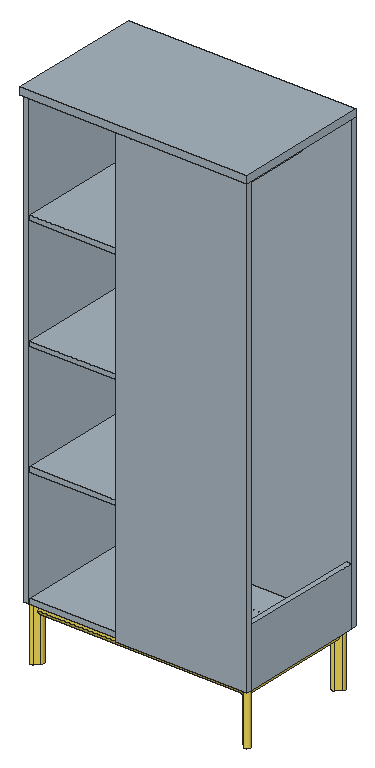
Revit family "DBLTD_TheSenatorGroup_OffcStrg_Play_CoatDrop_US", category Furniture, Revit 2018
Family settings
  Work Plane-Based = No
  Always vertical = Yes
  Cut with Voids When Loaded = No
  Shared = Yes
  Room Calculation Point = No
Parameters (values of type "Right Hand with Stand Alone Base 30"(w) x 18"(d) x 70"(h)")
  WarrantyStartDate [instance] = "1900-12-31T23:59:59"
  WarrantyGuarantorParts = "15"
  WarrantyGuarantorLabor = "15"
  WarrantyDurationUnit = "Years"
  WarrantyDurationParts = "15"
  WarrantyDurationLabor = "15"
  WarrantyDescription = "Senator warrants that its manufactured products are free from manufacturing defects - in materials or workmanship - for a period of ten (10) years on Senator Seating ranges; and fifteen (15) years on Senator Desking ranges"
  Version = "1"  # constant formula
  Uniclass2015Version = "Products v1.9"
  Uniclass2015Title = "Office storage units"
  Uniclass2015Code = "Pr_40_30_78_57"
  URL = "https://www.thesenatorgroup.com/"
  Type Comments = ""
  TagNumber [instance] = "n/a"
  SustainabilityPerformance = "n/a"
  Style = "n/a"
  Size = "L 18\" x  W 30\" x  H 70\""
  Shape = "n/a"
  SerialNumber [instance] = "n/a"
  RightHand = yes
  Revision = "n/a"
  ReplacementCost = "n/a"
  ProductInformation = "https://www.thesenatorgroup.com/"
  PanelMaterial [instance] = TheSenatorGroup_Play_MFC_Denim
  OmniClassVersion = "Table 22 2012-05-16"
  OmniClassTitle = "Storage"
  OmniClassCode = "22-12 51 19"
  NominalWidth = 30"
  NominalLength = 30"
  NominalHeight = 69.69"
  NominalDepth = 18"
  Name = "TheSenatorGroup_OfficeStorage_Play_CoatDrop"
  NBSReference = "45-35-80/360"
  NBSDescription = "Office storage"
  NBSCertification = ""
  ModelReference = "30\"(w) x 18\"(d) x 70\"(h)"
  ModelNumber = "PYP70‐30‐CD-R + PYP3018"
  Model = ModelNumber  # "PYP70‐30‐CD-R + PYP3018"
  Material = "Metal, MFC"
  ManufacturerURL = "https://www.thesenatorgroup.com/"
  ManufacturerName = "The Senator Group"
  Manufacturer = "The Senator Group"
  MainColor = "n/a"
  LeftHand = no
  Keynote = "Pr_40_50_21_60"
  InstallationDate [instance] = "1900-12-31T23:59:59"
  IfcExportType = "STORAGE"  # constant formula
  IfcExportAs = "IfcFurnitureType"  # constant formula
  Grade = "n/a"
  FramesColour = "Black, White, Totally Orange, Traffic Yellow, Anthracite, Pistachio"
  FrameSupports = "n/a"
  Finish = "HD Highland Oak, BH Beech, MP Maple, WH White, AT Autumn. WK Winter Oak, SO Strata Oak, MC Mocha, HW Hacienda White, DN Denim, LY Clay, LS Lemon Sorbet, LG Light Grey, CW Carini Walnut"
  Features = "n/a"
  ExpectedLife = "n/a"
  DurationUnit = "year"
  DimensionsPlanSize = "30\" x 18\""
  DimensionsHeight = "70\""
  Description = "Right Hand with Stand Alone Base 30\" x 18\" Coat Drop"
  Cost = 0
  Constituents = "n/a"
  Color = "n/a"
  CodePerformance = "n/a"
  Category = "Pr_40_30_78_57:Office storage units"
  BaseType = NESTED_DBLTD_TheSenatorGroup_OffcStrg_Play_Base : Stand Alone
  BaseFinishMaterial [instance] = TheSenatorGroup_Play_MetalFrame_TrafficYellow
  BarCode [instance] = "n/a"
  BIMObjectName = "TheSenatorGroup_OfficeStorage_Play_CoatDrop"
  Author = "Diane Butterworth Ltd"  # constant formula
  AssetType = "Movable"
  AssetIdentifier [instance] = "n/a"
  AccessibilityPerformance = "n/a"
Types (8): name | RightHand | ModelNumber | Model | LeftHand | Description | BaseType
  Right Hand with Stand Alone Base 30"(w) x 18"(d) x 70"(h) | yes | "PYP70‐30‐CD-R + PYP3018" | "PYP70‐30‐CD-R + PYP3018" | no | "Right Hand with Stand Alone Base 30\" x 18\" Coat Drop" | NESTED_DBLTD_TheSenatorGroup_OffcStrg_Play_Base : Stand Alone
  Right Hand with Add on End Base 30"(w) x 18"(d) x 70"(h) | yes | "PYP70‐30‐CD-R + PYP3018EA" | "PYP70‐30‐CD-R + PYP3018EA" | no | "Right Hand with Add on End Base 30\" x 18\" Coat Drop" | NESTED_DBLTD_TheSenatorGroup_OffcStrg_Play_Base : End
  Right Hand with Add on Mid Base 30"(w) x 18"(d) x 70"(h) | yes | "PYP70‐30‐CD-R + PYP3018MA" | "PYP70‐30‐CD-R + PYP3018MA" | no | "Right Hand with Add on Mid Base 30\" x 18\" Coat Drop" | NESTED_DBLTD_TheSenatorGroup_OffcStrg_Play_Base : Mid
  Right Hand with Starter Base 30"(w) x 18"(d) x 70"(h) | yes | "PYP70‐30‐CD-R + PYP3018S" | "PYP70‐30‐CD-R + PYP3018S" | no | "Right Hand with Starter Base 30\" x 18\" Coat Drop" | NESTED_DBLTD_TheSenatorGroup_OffcStrg_Play_Base : Starter
  Left Hand with Stand Alone Base 30"(w) x 18"(d) x 70"(h) | no | "PYP70‐30‐CD-L + PYP3018" | "PYP70‐30‐CD-L + PYP3018" | yes | "Left Hand with Stand Alone Base 30\" x 18\" Coat Drop" | NESTED_DBLTD_TheSenatorGroup_OffcStrg_Play_Base : Stand Alone
  Left Hand with Add on End Base 30"(w) x 18"(d) x 70"(h) | no | "PYP70‐30‐CD-L + PYP3018EA" | "PYP70‐30‐CD-L + PYP3018EA" | yes | "Left Hand with Add on End Base 30\" x 18\" Coat Drop" | NESTED_DBLTD_TheSenatorGroup_OffcStrg_Play_Base : End
  Left Hand with Add on Mid Base 30"(w) x 18"(d) x 70"(h) | no | "PYP70‐30‐CD-L + PYP3018MA" | "PYP70‐30‐CD-L + PYP3018MA" | yes | "Left Hand with Add on Mid Base 30\" x 18\" Coat Drop" | NESTED_DBLTD_TheSenatorGroup_OffcStrg_Play_Base : Mid
  Left Hand with Starter Base 30"(w) x 18"(d) x 70"(h) | no | "PYP70‐30‐CD-L + PYP3018S" | "PYP70‐30‐CD-L + PYP3018S" | yes | "Left Hand with Starter Base 30\" x 18\" Coat Drop" | NESTED_DBLTD_TheSenatorGroup_OffcStrg_Play_Base : Starter
Reference planes (in)
  plane 1 "Center Front/Back": y = 0
  plane 2: z = 0
  plane 3 "Center (Left/Right)": x = 0
  plane 4: z = 69.69
  plane 5 "Edge1": x = -15
  plane 6 "Edge3": x = 15
  plane 7 "Edge2": y = 9
  plane 8 "Edge4": y = -9
Dimensions and locks (in)
  equal spacing: plane 5 "Edge1", plane 3 "Center (Left/Right)", plane 6 "Edge3"
  "NominalLength": plane 5 "Edge1" to plane 6 "Edge3"
  equal spacing: plane 8 "Edge4", plane 1 "Center Front/Back", plane 7 "Edge2"
  "NominalDepth": plane 7 "Edge2" to plane 8 "Edge4"
  "NominalHeight": plane 4 to level
  aligned and locked: level to plane 2
  aligned and locked: plane 3 "Center (Left/Right)" to nested 2
Nested families (in)
  nested 1: "NESTED_DBLTD_TheSenatorGroup_OffcStrg_Play_Base" at (0, 0, 0), type <- "BaseType", BaseFinishMaterial <- "BaseFinishMaterial", type "Stand Alone"
    with BaseFinishMaterial TheSenatorGroup_Play_MetalFrame_TrafficYellow
  nested 2: "Nested_DBLTD_TheSenatorGroup_OffcStrg_Play_CoatDrop_Carcass" at (0, 0, 0), visible <- "LeftHand", PanelMaterial <- "PanelMaterial", type "Coat Drop"
    with PanelMaterial TheSenatorGroup_Play_MFC_Denim
  nested 3: "Nested_DBLTD_TheSenatorGroup_OffcStrg_Play_CoatDrop_Carcass" at (0, 0, 0) x (-1, 0, 0) z (0, 0, 1), visible <- "RightHand", PanelMaterial <- "PanelMaterial", type "Coat Drop"
    with PanelMaterial TheSenatorGroup_Play_MFC_Denim
Definition of nested family "NESTED_DBLTD_TheSenatorGroup_OffcStrg_Play_Base"
  Parameters (values of type "Starter")
    URL = "https://www.thesenatorgroup.com/"
    StarterLeg = yes
    RightBar = 0"
    NominalLength = 30"  # constant formula
    NominalHeight = 7.28346"
    NominalDepth = 17.32283"
    Model = ""
    MidLeg = yes
    Manufacturer = "The Senator Group"
    LeftBar = 1.1811"
    Keynote = ""
    EndLeg = no
    Description = ""
    Cost = 0
    BaseFinishMaterial [instance] = none
  Types (4): name | StarterLeg | RightBar | MidLeg | LeftBar | EndLeg
    Starter | yes | 0" | yes | 1.1811" | no
    Mid | no | 0" | yes | 0" | no
    End | no | 1.1811" | no | 0" | yes
    Stand Alone | yes | 1.1811" | no | 1.1811" | yes
  Reference planes (in)
    plane 1 "Center Front/Back": y = 0
    plane 2: z = 0
    plane 3 "Center (Left/Right)": x = 0
    plane 4: z = 7.28346
    plane 5 "Edge1": x = -15
    plane 6 "Edge3": x = 15
    plane 7 "Edge2": y = 8.66142
    plane 8 "Edge4": y = -8.66142
    plane 9: x = 15
    plane 10: x = -13.8189
    plane 11: y = -7.48031
    plane 12: y = 7.48031
    plane 13 "Edge23": x = 9.09449
  Forms (in)
    Extrusion 1, solid, material <- "BaseFinishMaterial", visible <- "StarterLeg"
      sketch origin (1.81102, 0, 7.28346) x (-1, 0, 0) y (0, -1, 0)
        loop
          line (16.51854, -7.69405) -> (15.96176, -7.13728)
          arc (15.96176, -7.13728) -> (15.40499, -7.13728) -> (15.40499, -7.69406) r 0.3937
          line (15.40499, -7.69406) -> (15.96177, -8.25083)
          arc (15.96177, -8.25083) -> (16.51854, -8.25083) -> (16.51854, -7.69405) r 0.3937
      from 0 to -7.28346
    Extrusion 2, solid, material <- "BaseFinishMaterial", visible <- "StarterLeg"
      sketch origin (1.81102, 0, 7.28346) x (-1, 0, 0) y (0, -1, 0)
        loop
          arc (16.51854, 7.69405) -> (16.51854, 8.25083) -> (15.96177, 8.25083) r 0.3937
          line (15.96177, 8.25083) -> (15.40499, 7.69406)
          arc (15.40499, 7.69406) -> (15.40499, 7.13728) -> (15.96176, 7.13728) r 0.3937
          line (15.96176, 7.13728) -> (16.51854, 7.69405)
      from 0 to -7.28346
    Extrusion 3, solid, material <- "BaseFinishMaterial"
      sketch origin (3.93701, 3.93701, 0) x (0, -1, 0) y (0, 0, -1)
        loop
          arc (10.68898, -7.16535) -> (10.72357, -7.24887) -> (10.80709, -7.28346) r 0.11811
          line (10.80709, -7.28346) -> (11.79134, -7.28346)
          arc (11.79134, -7.28346) -> (11.87485, -7.24887) -> (11.90945, -7.16535) r 0.11811
          line (11.90945, -7.16535) -> (11.90945, -6.49606)
          arc (11.90945, -6.49606) -> (11.29921, -5.88583) -> (10.68898, -6.49606) r 0.61024
          line (10.68898, -6.49606) -> (10.68898, -7.16535)
      from -17.75591 to 11.06299
    Extrusion 4, solid, material <- "BaseFinishMaterial", visible <- "StarterLeg"
      sketch origin (2.30315, 0, 0) x (-1, 0, 0) y (0, 0, -1)
        loop
          arc (15.51181, -7.16535) -> (15.54641, -7.24887) -> (15.62992, -7.28346) r 0.11811
          line (15.62992, -7.28346) -> (16.61417, -7.28346)
          arc (16.61417, -7.28346) -> (16.69769, -7.24887) -> (16.73228, -7.16535) r 0.11811
          line (16.73228, -7.16535) -> (16.73228, -6.49606)
          arc (16.73228, -6.49606) -> (16.12205, -5.88583) -> (15.51181, -6.49606) r 0.61024
          line (15.51181, -6.49606) -> (15.51181, -7.16535)
      from -7.48031 to 7.48031
    Extrusion 5, solid, material <- "BaseFinishMaterial"
      sketch origin (3.93701, -3.93701, 0) x (0, 1, 0) y (0, 0, 1)
        loop
          line (10.68898, 7.16535) -> (10.68898, 6.49606)
          arc (10.68898, 6.49606) -> (11.29921, 5.88583) -> (11.90945, 6.49606) r 0.61024
          line (11.90945, 6.49606) -> (11.90945, 7.16535)
          arc (11.90945, 7.16535) -> (11.87485, 7.24887) -> (11.79134, 7.28346) r 0.11811
          line (11.79134, 7.28346) -> (10.80709, 7.28346)
          arc (10.80709, 7.28346) -> (10.72357, 7.24887) -> (10.68898, 7.16535) r 0.11811
      from -17.75591 to 11.06299
    Extrusion 6, solid, material <- "BaseFinishMaterial", visible <- "MidLeg"
      sketch origin (14.10548, -8.31328, 7.28346) x (-0.707107, 0.707107, 0) y (-0.707107, -0.707107, 0)
        loop
          line (15.33744, -7.69405) -> (14.78066, -7.13728)
          arc (14.78066, -7.13728) -> (14.22388, -7.13728) -> (14.22388, -7.69406) r 0.3937
          line (14.22388, -7.69406) -> (14.78066, -8.25083)
          arc (14.78066, -8.25083) -> (15.33744, -8.25083) -> (15.33744, -7.69405) r 0.3937
      from 0 to -7.28346
    Extrusion 7, solid, material <- "BaseFinishMaterial", visible <- "MidLeg"
      sketch origin (14.10548, 8.31328, 7.28346) x (-0.707107, -0.707107, 0) y (0.707107, -0.707107, 0)
        loop
          arc (15.33744, 7.69405) -> (15.33744, 8.25083) -> (14.78066, 8.25083) r 0.3937
          line (14.78066, 8.25083) -> (14.22388, 7.69406)
          arc (14.22388, 7.69406) -> (14.22388, 7.13728) -> (14.78066, 7.13728) r 0.3937
          line (14.78066, 7.13728) -> (15.33744, 7.69405)
      from 0 to -7.28346
    Extrusion 8, solid, material <- "BaseFinishMaterial", visible <- "MidLeg", not visible
      sketch origin (15.34564, -8.31328, 7.28346) x (-0.707107, 0.707107, 0) y (-0.707107, -0.707107, 0)
        loop
          line (15.33744, -7.69405) -> (14.78066, -7.13728)
          arc (14.78066, -7.13728) -> (14.22388, -7.13728) -> (14.22388, -7.69406) r 0.3937
          line (14.22388, -7.69406) -> (14.78066, -8.25083)
          arc (14.78066, -8.25083) -> (15.33744, -8.25083) -> (15.33744, -7.69405) r 0.3937
      from 0 to -7.28346
    Extrusion 9, solid, material <- "BaseFinishMaterial", visible <- "MidLeg", not visible
      sketch origin (15.34564, 8.31328, 7.28346) x (-0.707107, -0.707107, 0) y (0.707107, -0.707107, 0)
        loop
          arc (15.33744, 7.69405) -> (15.33744, 8.25083) -> (14.78066, 8.25083) r 0.3937
          line (14.78066, 8.25083) -> (14.22388, 7.69406)
          arc (14.22388, 7.69406) -> (14.22388, 7.13728) -> (14.78066, 7.13728) r 0.3937
          line (14.78066, 7.13728) -> (15.33744, 7.69405)
      from 0 to -7.28346
    Extrusion 10, solid, material <- "BaseFinishMaterial", visible <- "MidLeg"
      sketch origin (24.03543, 0, 0) x (-1, 0, 0) y (0, 0, -1)
        loop
          arc (14.33071, -7.16535) -> (14.3653, -7.24887) -> (14.44882, -7.28346) r 0.11811
          line (14.44882, -7.28346) -> (15.43307, -7.28346)
          arc (15.43307, -7.28346) -> (15.51659, -7.24887) -> (15.55118, -7.16535) r 0.11811
          line (15.55118, -7.16535) -> (15.55118, -6.49606)
          arc (15.55118, -6.49606) -> (14.94095, -5.88583) -> (14.33071, -6.49606) r 0.61024
          line (14.33071, -6.49606) -> (14.33071, -7.16535)
      from -7.48031 to 7.48031
    Extrusion 11, solid, material <- "BaseFinishMaterial", visible <- "MidLeg", not visible
      sketch origin (25.27559, 0, 0) x (-1, 0, 0) y (0, 0, -1)
        loop
          arc (14.33071, -7.16535) -> (14.3653, -7.24887) -> (14.44882, -7.28346) r 0.11811
          line (14.44882, -7.28346) -> (15.43307, -7.28346)
          arc (15.43307, -7.28346) -> (15.51659, -7.24887) -> (15.55118, -7.16535) r 0.11811
          line (15.55118, -7.16535) -> (15.55118, -6.49606)
          arc (15.55118, -6.49606) -> (14.94095, -5.88583) -> (14.33071, -6.49606) r 0.61024
          line (14.33071, -6.49606) -> (14.33071, -7.16535)
      from -7.48031 to 7.48031
    Extrusion 12, solid, material <- "BaseFinishMaterial", visible <- "StarterLeg", not visible
      sketch origin (-0.49213, 0, 7.28346) x (-1, 0, 0) y (0, -1, 0)
        loop
          line (16.51854, -7.69405) -> (15.96176, -7.13728)
          arc (15.96176, -7.13728) -> (15.40499, -7.13728) -> (15.40499, -7.69406) r 0.3937
          line (15.40499, -7.69406) -> (15.96177, -8.25083)
          arc (15.96177, -8.25083) -> (16.51854, -8.25083) -> (16.51854, -7.69405) r 0.3937
      from 0 to -7.28346
    Extrusion 13, solid, material <- "BaseFinishMaterial", visible <- "StarterLeg", not visible
      sketch origin (-0.49213, 0, 7.28346) x (-1, 0, 0) y (0, -1, 0)
        loop
          arc (16.51854, 7.69405) -> (16.51854, 8.25083) -> (15.96177, 8.25083) r 0.3937
          line (15.96177, 8.25083) -> (15.40499, 7.69406)
          arc (15.40499, 7.69406) -> (15.40499, 7.13728) -> (15.96176, 7.13728) r 0.3937
          line (15.96176, 7.13728) -> (16.51854, 7.69405)
      from 0 to -7.28346
    Extrusion 14, solid, material <- "BaseFinishMaterial", visible <- "StarterLeg", not visible
      sketch origin (0, 0, 0) x (-1, 0, 0) y (0, 0, -1)
        loop
          arc (15.51181, -7.16535) -> (15.54641, -7.24887) -> (15.62992, -7.28346) r 0.11811
          line (15.62992, -7.28346) -> (16.61417, -7.28346)
          arc (16.61417, -7.28346) -> (16.69769, -7.24887) -> (16.73228, -7.16535) r 0.11811
          line (16.73228, -7.16535) -> (16.73228, -6.49606)
          arc (16.73228, -6.49606) -> (16.12205, -5.88583) -> (15.51181, -6.49606) r 0.61024
          line (15.51181, -6.49606) -> (15.51181, -7.16535)
      from -7.48031 to 7.48031
    Extrusion 15, solid, material <- "BaseFinishMaterial", visible <- "EndLeg"
      sketch origin (-1.81102, 0, 7.28346) x (1, 0, 0) y (0, 1, 0)
        loop
          arc (16.51854, 7.69405) -> (16.51854, 8.25083) -> (15.96177, 8.25083) r 0.3937
          line (15.96177, 8.25083) -> (15.40499, 7.69406)
          arc (15.40499, 7.69406) -> (15.40499, 7.13728) -> (15.96176, 7.13728) r 0.3937
          line (15.96176, 7.13728) -> (16.51854, 7.69405)
      from 0 to -7.28346
    Extrusion 16, solid, material <- "BaseFinishMaterial", visible <- "EndLeg"
      sketch origin (-1.81102, 0, 7.28346) x (1, 0, 0) y (0, 1, 0)
        loop
          line (16.51854, -7.69405) -> (15.96176, -7.13728)
          arc (15.96176, -7.13728) -> (15.40499, -7.13728) -> (15.40499, -7.69406) r 0.3937
          line (15.40499, -7.69406) -> (15.96177, -8.25083)
          arc (15.96177, -8.25083) -> (16.51854, -8.25083) -> (16.51854, -7.69405) r 0.3937
      from 0 to -7.28346
    Extrusion 17, solid, material <- "BaseFinishMaterial", visible <- "EndLeg"
      sketch origin (-2.30315, 0, 0) x (1, 0, 0) y (0, 0, -1)
        loop
          arc (15.51181, -7.16535) -> (15.54641, -7.24887) -> (15.62992, -7.28346) r 0.11811
          line (15.62992, -7.28346) -> (16.61417, -7.28346)
          arc (16.61417, -7.28346) -> (16.69769, -7.24887) -> (16.73228, -7.16535) r 0.11811
          line (16.73228, -7.16535) -> (16.73228, -6.49606)
          arc (16.73228, -6.49606) -> (16.12205, -5.88583) -> (15.51181, -6.49606) r 0.61024
          line (15.51181, -6.49606) -> (15.51181, -7.16535)
      from -7.48031 to 7.48031
    Extrusion 18, solid, material <- "BaseFinishMaterial", visible <- "EndLeg", not visible
      sketch origin (-1.81102, 0, 7.28346) x (1, 0, 0) y (0, 1, 0)
        loop
          line (-15.19964, 7.69405) -> (-14.64287, 7.13728)
          arc (-14.64287, 7.13728) -> (-14.08609, 7.13728) -> (-14.08609, 7.69406) r 0.3937
          line (-14.08609, 7.69406) -> (-14.64287, 8.25083)
          arc (-14.64287, 8.25083) -> (-15.19965, 8.25083) -> (-15.19964, 7.69405) r 0.3937
      from 0 to -7.28346
    Extrusion 19, solid, material <- "BaseFinishMaterial", visible <- "EndLeg", not visible
      sketch origin (-1.81102, 0, 7.28346) x (1, 0, 0) y (0, 1, 0)
        loop
          arc (-15.19964, -7.69405) -> (-15.19965, -8.25083) -> (-14.64287, -8.25083) r 0.3937
          line (-14.64287, -8.25083) -> (-14.08609, -7.69406)
          arc (-14.08609, -7.69406) -> (-14.08609, -7.13728) -> (-14.64287, -7.13728) r 0.3937
          line (-14.64287, -7.13728) -> (-15.19964, -7.69405)
      from 0 to -7.28346
    Extrusion 20, solid, material <- "BaseFinishMaterial", visible <- "EndLeg", not visible
      sketch origin (-2.30315, 0, 0) x (1, 0, 0) y (0, 0, -1)
        loop
          line (-13.20866, -7.16535) -> (-13.20866, -6.49606)
          arc (-13.20866, -6.49606) -> (-13.8189, -5.88583) -> (-14.42913, -6.49606) r 0.61024
          line (-14.42913, -6.49606) -> (-14.42913, -7.16535)
          arc (-14.42913, -7.16535) -> (-14.39454, -7.24887) -> (-14.31102, -7.28346) r 0.11811
          line (-14.31102, -7.28346) -> (-13.32677, -7.28346)
          arc (-13.32677, -7.28346) -> (-13.24326, -7.24887) -> (-13.20866, -7.16535) r 0.11811
      from -7.48031 to 7.48031
  Dimensions and locks (in)
    equal spacing: plane 5 "Edge1", plane 3 "Center (Left/Right)", plane 6 "Edge3"
    "NominalLength": plane 5 "Edge1" to plane 6 "Edge3"
    equal spacing: plane 8 "Edge4", plane 1 "Center Front/Back", plane 7 "Edge2"
    "NominalDepth": plane 7 "Edge2" to plane 8 "Edge4"
    "RightBar": plane 9 to plane 6 "Edge3"
    "LeftBar": plane 5 "Edge1" to plane 10
    locked: plane 11 to plane 8 "Edge4" at 1.1811
    locked: plane 12 to plane 7 "Edge2" at 1.1811
    "NominalHeight": plane 4 to level
    locked: plane 13 "Edge23" to plane 6 "Edge3" at 5.90551
    locked: plane 5 "Edge1" to Extrusion 1 at 0.96457
    locked: Extrusion 15 to plane 6 "Edge3" at 0.96457
    aligned and locked: level to plane 2
    aligned and locked: plane 4 to Extrusion 1
    aligned and locked: plane 10 to Extrusion 3
    aligned and locked: Extrusion 4 to plane 11
    aligned and locked: Extrusion 4 to plane 12
    aligned and locked: plane 10 to Extrusion 5
    aligned and locked: Extrusion 2 to Extrusion 1
    aligned and locked: plane 4 to Extrusion 2
    aligned and locked: plane 9 to Extrusion 3
    aligned and locked: plane 9 to Extrusion 5
    aligned and locked: Extrusion 16 to Extrusion 15
  Automatic sketch dimensions
    Extrusion 6 sketch curve to Extrusion 6 sketch curve = 0.27839"  (x7)
    Extrusion 6 sketch curve to Extrusion 6 sketch curve = 0.55678"
    Extrusion 7 sketch curve to Extrusion 7 sketch curve = 0.27839"  (x6)
    Extrusion 7 sketch curve to Extrusion 7 sketch curve = 0.55678"
    Extrusion 7 sketch curve to Extrusion 7 sketch curve = 0.00001"
    Extrusion 8 sketch curve to Extrusion 8 sketch curve = 0.27839"  (x7)
    Extrusion 8 sketch curve to Extrusion 8 sketch curve = 0.55678"
    Extrusion 9 sketch curve to Extrusion 9 sketch curve = 0.27839"  (x6)
    Extrusion 9 sketch curve to Extrusion 9 sketch curve = 0.55678"
    Extrusion 9 sketch curve to Extrusion 9 sketch curve = 0.00001"
    Extrusion 1 sketch curve to Extrusion 1 sketch curve = 0.27839"  (x6)
    Extrusion 2 sketch curve to Extrusion 2 sketch curve = 0.27839"  (x6)
    Extrusion 3 sketch curve to plane 4 = 0"
    Extrusion 3 sketch curve to plane 4 = 0.11811"  (x2)
    plane 11 to Extrusion 3 sketch curve = 0.72835"
    plane 11 to Extrusion 3 sketch curve = 0.11811"
    Extrusion 3 sketch curve to plane 4 = 0.7874"
    Extrusion 4 sketch curve to Extrusion 4 sketch curve = 0.66929"
    Extrusion 5 sketch curve to plane 4 = 0"
    Extrusion 5 sketch curve to plane 4 = 0.11811"  (x2)
    plane 12 to Extrusion 5 sketch curve = 0.72835"
    plane 12 to Extrusion 5 sketch curve = 0.11811"
    Extrusion 5 sketch curve to Extrusion 5 sketch curve = 0.66929"
    Extrusion 10 sketch curve to Extrusion 10 sketch curve = 0.61024"
    Extrusion 10 sketch curve to Extrusion 10 sketch curve = 0.66929"
    Extrusion 10 sketch curve to Extrusion 10 sketch curve = 0.11811"  (x2)
    Extrusion 1 sketch curve to Extrusion 1 sketch curve = 0.55678"
    Extrusion 1 sketch curve to Extrusion 1 sketch curve = 0.55677"
    Extrusion 2 sketch curve to Extrusion 2 sketch curve = 0.55678"
    Extrusion 2 sketch curve to Extrusion 2 sketch curve = 0.55677"
    Extrusion 4 sketch curve to Extrusion 4 sketch curve = 0.11811"  (x2)
    Extrusion 4 sketch curve to Extrusion 4 sketch curve = 0.61024"
    Extrusion 12 sketch curve to Extrusion 12 sketch curve = 0.27839"  (x6)
    Extrusion 13 sketch curve to Extrusion 13 sketch curve = 0.27839"  (x6)
    Extrusion 14 sketch curve to Extrusion 14 sketch curve = 0.66929"
    Extrusion 12 sketch curve to Extrusion 12 sketch curve = 0.55678"
    Extrusion 12 sketch curve to Extrusion 12 sketch curve = 0.55677"
    Extrusion 13 sketch curve to Extrusion 13 sketch curve = 0.55678"
    Extrusion 13 sketch curve to Extrusion 13 sketch curve = 0.55677"
    Extrusion 14 sketch curve to Extrusion 14 sketch curve = 0.11811"  (x2)
    Extrusion 14 sketch curve to Extrusion 14 sketch curve = 0.61024"
    Extrusion 15 sketch curve to Extrusion 15 sketch curve = 0.27839"  (x6)
    Extrusion 16 sketch curve to Extrusion 16 sketch curve = 0.27839"  (x6)
    Extrusion 17 sketch curve to Extrusion 17 sketch curve = 0.66929"
    Extrusion 15 sketch curve to Extrusion 15 sketch curve = 0.55678"
    Extrusion 15 sketch curve to Extrusion 15 sketch curve = 0.55677"
    Extrusion 16 sketch curve to Extrusion 16 sketch curve = 0.55678"
    Extrusion 16 sketch curve to Extrusion 16 sketch curve = 0.55677"
    Extrusion 17 sketch curve to Extrusion 17 sketch curve = 0.11811"  (x2)
    Extrusion 17 sketch curve to Extrusion 17 sketch curve = 0.61024"
    Extrusion 18 sketch curve to Extrusion 18 sketch curve = 0.27839"  (x6)
    Extrusion 19 sketch curve to Extrusion 19 sketch curve = 0.27839"  (x6)
    Extrusion 20 sketch curve to Extrusion 20 sketch curve = 0.66929"
    Extrusion 18 sketch curve to Extrusion 18 sketch curve = 0.55678"
    Extrusion 18 sketch curve to Extrusion 18 sketch curve = 0.55677"
    Extrusion 19 sketch curve to Extrusion 19 sketch curve = 0.55678"
    Extrusion 19 sketch curve to Extrusion 19 sketch curve = 0.55677"
    Extrusion 20 sketch curve to Extrusion 20 sketch curve = 0.11811"  (x2)
    Extrusion 20 sketch curve to Extrusion 20 sketch curve = 0.61024"
Definition of nested family "Nested_DBLTD_TheSenatorGroup_OffcStrg_Play_CoatDrop_Carcass"
  Parameters (values of type "Coat Drop")
    URL = ""
    PanelMaterial [instance] = none
    Model = ""
    Manufacturer = ""
    Keynote = ""
    Description = ""
    Cost = 0
  Reference planes (in)
    plane 1 "Center Front/Back": y = 0
    plane 2: z = 0
    plane 3 "Center (Left/Right)": x = 0
    plane 4: z = 69.68504
    plane 5 "Edge1": x = -15.24016
    plane 6 "Edge3": x = 15.24016
    plane 7 "Edge2": y = 9.16142
    plane 8 "Edge4": y = -9.16142
    plane 9: z = 7.28346
  Forms (in)
    Extrusion 1, solid, material <- "PanelMaterial"
      sketch origin (0, 0, 0) x (1, 0, 0) y (0, 0, 1)
        loop
          line (-15.24016, 68.70079) -> (-15.24016, 7.28346) -> (15.24016, 7.28346) -> (15.24016, 68.70079) -> (-15.24016, 68.70079)
      from -9.16142 to -8.49213
    Extrusion 2, solid, material <- "PanelMaterial"
      sketch origin (0, -11.41732, 0) x (1, 0, 0) y (0, 0, 1)
        loop
          line (-15.24016, 68.70079) -> (-15.24016, 7.28346) -> (2.43043, 7.28346) -> (2.43043, 68.70079) -> (-15.24016, 68.70079)
      from -2.9252 to -2.25591
    Extrusion 3, solid, material <- "PanelMaterial"
      sketch origin (0, 0, 0) x (1, 0, 0) y (0, 0, 1)
        loop
          line (2.43043, 54.23229) -> (2.43043, 53.56299) -> (14.57087, 53.56299) -> (14.57087, 54.23229) -> (2.43043, 54.23229)
        loop
          line (2.43043, 39.05511) -> (2.43043, 38.38582) -> (14.57087, 38.38582) -> (14.57087, 39.05511) -> (2.43043, 39.05511)
        loop
          line (2.43043, 23.87795) -> (2.43043, 23.20866) -> (14.57087, 23.20866) -> (14.57087, 23.87795) -> (2.43043, 23.87795)
      from -8.49213 to 8.49213
    Extrusion 4, solid, material <- "PanelMaterial"
      sketch origin (0, 0, 0) x (0, 1, 0) y (0, 0, 1)
        loop
          line (8.49213, 68.70079) -> (-8.49213, 68.70079) -> (-8.49213, 7.28346) -> (8.49213, 7.28346) -> (8.49213, 68.70079)
      from 14.57087 to 15.24016
    Extrusion 5, solid, material <- "PanelMaterial"
      sketch origin (-25.98425, 0, 0) x (0, 1, 0) y (0, 0, 1)
        loop
          line (8.49213, 15.15748) -> (-8.49213, 15.15748) -> (-8.49213, 7.28346) -> (8.49213, 7.28346) -> (8.49213, 15.15748)
      from 10.74409 to 11.41339
    Extrusion 6, solid, material <- "PanelMaterial"
      sketch origin (0, 0, 0) x (1, 0, 0) y (0, 0, 1)
        loop
          line (-14.57087, 7.95276) -> (-14.57087, 7.28346) -> (14.57087, 7.28346) -> (14.57087, 7.95276) -> (-14.57087, 7.95276)
      from -8.49213 to 8.49213
    Extrusion 7, solid, material <- "PanelMaterial"
      sketch origin (0, 0, 7.28346) x (-1, 0, 0) y (0, -1, 0)
        loop
          line (15.24016, -9.16142) -> (15.24016, 9.16142) -> (-15.24016, 9.16142) -> (-15.24016, -9.16142) -> (15.24016, -9.16142)
      from 61.41732 to 62.40157
    Extrusion 8, solid, material <- "PanelMaterial"
      sketch origin (0, 0, 7.28346) x (-1, 0, 0) y (0, -1, 0)
        loop
          line (-2.43043, -8.49213) -> (0.70343, -8.49213) -> (0.70343, 8.49213) -> (-2.43043, 8.49213) -> (-2.43043, -8.49213)
      from 0.66929 to 61.41732
    Extrusion 9, solid
      sketch origin (0, 0, 0) x (1, 0, 0) y (0, 0, 1)
        loop
          circle (-8.10192, 62.81733) r 0.49213
      from -8.49213 to 8.49213
  Dimensions and locks (in)
    equal spacing: plane 5 "Edge1", plane 3 "Center (Left/Right)", plane 6 "Edge3"
    plane 5 "Edge1" to plane 6 "Edge3" = 30.48031"
    equal spacing: plane 8 "Edge4", plane 1 "Center Front/Back", plane 7 "Edge2"
    plane 7 "Edge2" to plane 8 "Edge4" = 18.32283"
    locked: plane 5 "Edge1" to Extrusion 5 at 0.66929
    locked: Extrusion 4 to plane 6 "Edge3" at 0.66929
    locked: Extrusion 1 to plane 7 "Edge2" at 0.66929
    locked: Extrusion 2 to plane 8 "Edge4" at 0.66929
    plane 6 "Edge3" to plane 3 "Center (Left/Right)" to plane 5 "Edge1" = 15.24016", 15.24016"
    locked: plane 6 "Edge3" to Extrusion 2 at 12.80973
    equal spacing: plane 6 "Edge3", plane 3 "Center (Left/Right)", plane 5 "Edge1"
    plane 4 to level = 69.68504"
    aligned and locked: level to plane 2
    aligned and locked: plane 5 "Edge1" to Extrusion 1 sketch curve
    aligned and locked: plane 9 to Extrusion 1 sketch curve
    aligned and locked: Extrusion 2 to plane 8 "Edge4"
    aligned and locked: Extrusion 1 to Extrusion 4 sketch curve
    aligned and locked: Extrusion 4 sketch curve to Extrusion 1
    aligned and locked: Extrusion 5 to plane 5 "Edge1"
    aligned and locked: Extrusion 6 to Extrusion 1
    aligned and locked: plane 4 to Extrusion 7
    aligned and locked: Extrusion 7 to Extrusion 1
    aligned and locked: Extrusion 3 to Extrusion 8 sketch curve
    aligned and locked: Extrusion 9 to Extrusion 1
    aligned and locked: plane 6 "Edge3" to Extrusion 4
    aligned and locked: Extrusion 5 to Extrusion 1
    aligned and locked: Extrusion 9 to Extrusion 5
    aligned and locked: Extrusion 7 to plane 7 "Edge2"
    aligned and locked: Extrusion 7 to plane 8 "Edge4"
    aligned and locked: Extrusion 1 to plane 7 "Edge2"
    aligned and locked: Extrusion 3 to Extrusion 1
    aligned and locked: Extrusion 6 to Extrusion 2
    aligned and locked: Extrusion 9 to Extrusion 2
    aligned and locked: Extrusion 2 to Extrusion 3
    aligned and locked: Extrusion 2 to Extrusion 8
    aligned and locked: Extrusion 3 to Extrusion 2
  Automatic sketch dimensions
    Extrusion 2 sketch curve to plane 5 "Edge1" = 0"
    Extrusion 2 sketch curve to plane 9 = 0"
    Extrusion 5 sketch curve to plane 9 = 0"
    Extrusion 6 sketch curve to plane 9 = 0"
    Extrusion 1 sketch curve to plane 6 "Edge3" = 0"
    Extrusion 4 sketch curve to plane 9 = 0"
    Extrusion 7 sketch curve to plane 6 "Edge3" = 0"
    Extrusion 7 sketch curve to plane 5 "Edge1" = 0"
    plane 7 "Edge2" to Extrusion 7 sketch curve = 0"
    Extrusion 7 sketch curve to plane 8 "Edge4" = 0"
    Extrusion 3 sketch curve to plane 6 "Edge3" = 0.66929"  (x3)
    Extrusion 6 sketch curve to plane 6 "Edge3" = 0.66929"
    plane 3 "Center (Left/Right)" to Extrusion 2 sketch curve = 2.43043"
    plane 3 "Center (Left/Right)" to Extrusion 3 sketch curve = 2.43043"  (x3)
    Extrusion 8 sketch curve to plane 3 "Center (Left/Right)" = 0.70343"
    plane 5 "Edge1" to Extrusion 6 sketch curve = 0.66929"
    Extrusion 9 sketch curve to plane 3 "Center (Left/Right)" = 8.10192"
    plane 7 "Edge2" to Extrusion 5 sketch curve = 0.66929"
    plane 8 "Edge4" to Extrusion 4 sketch curve = 0.66929"
    plane 8 "Edge4" to Extrusion 5 sketch curve = 0.66929"
    plane 8 "Edge4" to Extrusion 8 sketch curve = 0.66929"
    Extrusion 6 sketch curve to Extrusion 6 sketch curve = 0.66929"
    plane 9 to Extrusion 3 sketch curve = 15.92519"
    Extrusion 3 sketch curve to Extrusion 3 sketch curve = 0.66929"  (x3)
    Extrusion 3 sketch curve to Extrusion 3 sketch curve = 14.50787"
    Extrusion 3 sketch curve to Extrusion 3 sketch curve = 14.50788"
    Extrusion 1 sketch curve to plane 4 = 0.98425"
    Extrusion 2 sketch curve to plane 4 = 0.98425"
    Extrusion 5 sketch curve to Extrusion 5 sketch curve = 7.87401"
    Extrusion 9 sketch curve to plane 4 = 6.86771"
    plane 3 "Center (Left/Right)" to Extrusion 8 sketch curve = 2.43043"
    radius of Extrusion 9 sketch curve = 0.49213"
